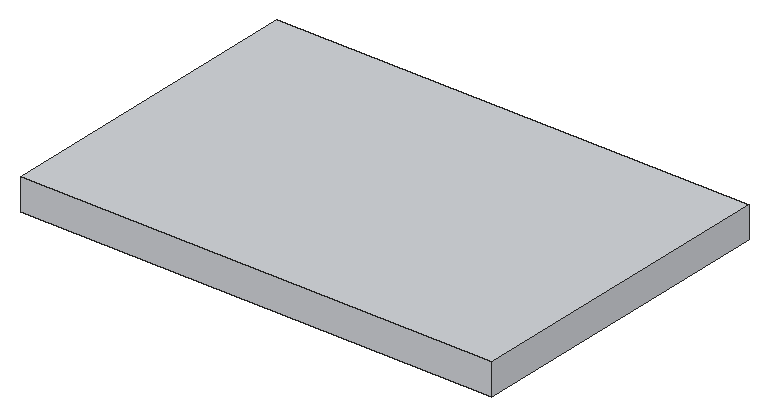
Revit family "G805-002 CAB78B", category Mechanical Equipment, Revit 2012
Parameters (values of type "20 TON")
  URL = "http://desert-aire.com/"
  Type Comments = "NON PACKAGED"
  RC Return Radius = 0' - 0 3/8"
  RC Discharge Radius = 0' - 0 9/16"
  Outdoor Unit = yes
  Model = "G805-002"
  Manufacturer = "DESERT AIRE"
  Description = "TOP/END FLOW UNIT"
  Curb Height = 0' - 8"
  Cost = 0
Types (4): name | RC Return Radius | RC Discharge Radius | Description
  (no name) | 0' - 0 3/8" | 0' - 0 9/16" | "TOP/END FLOW UNIT"
  20 TON | 0' - 0 3/8" | 0' - 0 9/16" | "TOP/END FLOW UNIT"
  25 TON | 0' - 0 7/16" | 0' - 0 9/16" | "DOWN FLOW UNIT"
  30 TON | 0' - 0 7/16" | 0' - 0 11/16" | "DOWN FLOW UNIT"
Reference planes (in)
  plane 1: y = 0
  plane 2: z = 0
  plane 3: x = 0
  plane 4: z = 8
  plane 5: z = 99.425
  plane 6: z = 47.705
Forms (in)
  Extrusion 1, solid
    sketch origin (0, 0, 0) x (1, 0, 0) y (0, 1, 0)
      loop
        line (-63.15208, 41.66885) -> (-63.15208, -40.83115) -> (58.47292, -40.83115) -> (58.47292, 41.66885) -> (-63.15208, 41.66885)
    from 0 to 8
Dimensions and locks (in)
  "Curb Height": plane 4 to plane 2
  locked: plane 5 to plane 4 at 91.425
  locked: plane 5 to plane 6 at 51.72
  aligned and locked: plane 4 to Extrusion 1
  aligned and locked: plane 6 to import instance
  aligned and locked: plane 4 to import instance
  aligned and locked: import instance to import instance
Automatic sketch dimensions
  Extrusion 1 sketch curve to plane 3 = 5' - 3.15208"
  plane 1 to Extrusion 1 sketch curve = 3' - 4.83115"
  Extrusion 1 sketch curve to plane 1 = 3' - 5.66885"
  plane 3 to Extrusion 1 sketch curve = 4' - 10.47292"
Connectors (in)
  piping at (-0.40818, -1.49985, 0)
    settings: on Extrusion 1, index 7, connector radius 1/2", flow factor 0, pipe flow 0 GPM, pressure drop 0.00 psi, fitting loss kfactor 0, connector angle 0.00°, fixture units 0, engagement length 0' - 0", flow configuration 0, flow direction 0, fitting loss method 0, system type 22, joint type 0, gender type 0, connector reference index -1, connector utility 0, adjustable connector no, is connector primary yes, fitting loss table "", connector description "BOTTOM CONDENSATE"
  electrical at (64.81582, -38.36105, 88.17537)
    settings: on import instance, index 98, voltage 0 V, apparent load 0 VA, apparent load phase1 0 VA, apparent load phase2 0 VA, apparent load phase3 0 VA, power factor 1, load classification "Other", number of poles 1, system type 30, power factor state 1, is connector primary yes, connector utility no, sub classification motor no, connector description "OPTIONAL DISCONNECT LOCATION"
  piping at (10.43578, -45.25, 14.63597)
    settings: on import instance, index 99, connector radius 1/2", flow factor 0, pipe flow 0 GPM, pressure drop 0.00 psi, fitting loss kfactor 0, connector angle 0.00°, fixture units 0, engagement length 0' - 0", flow configuration 0, flow direction 0, fitting loss method 0, system type 22, joint type 0, gender type 0, connector reference index -1, connector utility 0, adjustable connector no, is connector primary no, fitting loss table "", connector description "LEFT SIDE CONDENSATE"
  piping at (10.43578, -45.25, 17.13597), driven by "RC Discharge Radius"
    settings: on import instance, index 100, connector radius 9/16", flow factor 0, pipe flow 0 GPM, pressure drop 0.00 psi, fitting loss kfactor 0, connector angle 0.00°, fixture units 0, engagement length 0' - 0", flow configuration 0, flow direction 0, fitting loss method 0, system type 7, joint type 0, gender type 0, connector reference index -1, connector utility 0, adjustable connector no, is connector primary no, fitting loss table "", connector description "LEFT SIDE RC DISCHARGE CONNECTION LOCATION"
  piping at (10.43578, -45.25, 19.38597), driven by "RC Return Radius"
    settings: on import instance, index 101, connector radius 3/8", flow factor 0, pipe flow 0 GPM, pressure drop 0.00 psi, fitting loss kfactor 0, connector angle 0.00°, fixture units 0, engagement length 0' - 0", flow configuration 0, flow direction 0, fitting loss method 0, system type 8, joint type 0, gender type 0, connector reference index -1, connector utility 0, adjustable connector no, is connector primary no, fitting loss table "", connector description "LEFT SIDE RC RETURN CONNECTION LOCATION"
  piping at (10.43578, -45.25, 25.38597)
    settings: on import instance, index 102, connector radius 1 5/16", flow factor 0, pipe flow 0 GPM, pressure drop 0.00 psi, fitting loss kfactor 0, connector angle 0.00°, fixture units 0, engagement length 0' - 0", flow configuration 0, flow direction 0, fitting loss method 0, system type 20, joint type 0, gender type 0, connector reference index -1, connector utility 0, adjustable connector no, is connector primary no, fitting loss table "", connector description "LEFT SIDE WATER INLET CONNECTION LOCATION"
  piping at (10.43578, -45.25, 28.38597)
    settings: on import instance, index 103, connector radius 1 5/16", flow factor 0, pipe flow 0 GPM, pressure drop 0.00 psi, fitting loss kfactor 0, connector angle 0.00°, fixture units 0, engagement length 0' - 0", flow configuration 0, flow direction 0, fitting loss method 0, system type 20, joint type 0, gender type 0, connector reference index -1, connector utility 0, adjustable connector no, is connector primary no, fitting loss table "", connector description "LEFT SIDE WATER OUTLET CONNECTION LOCATION"
  piping at (10.42936, 45.25, 14.62731)
    settings: on import instance, index 104, connector radius 1/2", flow factor 0, pipe flow 0 GPM, pressure drop 0.00 psi, fitting loss kfactor 0, connector angle 0.00°, fixture units 0, engagement length 0' - 0", flow configuration 0, flow direction 0, fitting loss method 0, system type 22, joint type 0, gender type 0, connector reference index -1, connector utility 0, adjustable connector no, is connector primary no, fitting loss table "", connector description "RIGHT SIDE CONDENSATE"
  piping at (10.42936, 45.25, 17.12978), driven by "RC Discharge Radius"
    settings: on import instance, index 105, connector radius 9/16", flow factor 0, pipe flow 0 GPM, pressure drop 0.00 psi, fitting loss kfactor 0, connector angle 0.00°, fixture units 0, engagement length 0' - 0", flow configuration 0, flow direction 0, fitting loss method 0, system type 7, joint type 0, gender type 0, connector reference index -1, connector utility 0, adjustable connector no, is connector primary no, fitting loss table "", connector description "RIGHT SIDE RC DISCHARGE CONNECTION LOCATION"
  piping at (10.42936, 45.25, 19.37052), driven by "RC Return Radius"
    settings: on import instance, index 106, connector radius 3/8", flow factor 0, pipe flow 0 GPM, pressure drop 0.00 psi, fitting loss kfactor 0, connector angle 0.00°, fixture units 0, engagement length 0' - 0", flow configuration 0, flow direction 0, fitting loss method 0, system type 8, joint type 0, gender type 0, connector reference index -1, connector utility 0, adjustable connector no, is connector primary no, fitting loss table "", connector description "RIGHT SIDE RC RETURN CONNECTION LOCATION"
  piping at (10.42936, 45.25, 25.37052)
    settings: on import instance, index 107, connector radius 1 5/16", flow factor 0, pipe flow 0 GPM, pressure drop 0.00 psi, fitting loss kfactor 0, connector angle 0.00°, fixture units 0, engagement length 0' - 0", flow configuration 0, flow direction 0, fitting loss method 0, system type 20, joint type 0, gender type 0, connector reference index -1, connector utility 0, adjustable connector no, is connector primary no, fitting loss table "", connector description "RIGHT SIDE WATER INLET CONNECTION LOCATION"
  piping at (10.42936, 45.25, 28.37052)
    settings: on import instance, index 108, connector radius 1 5/16", flow factor 0, pipe flow 0 GPM, pressure drop 0.00 psi, fitting loss kfactor 0, connector angle 0.00°, fixture units 0, engagement length 0' - 0", flow configuration 0, flow direction 0, fitting loss method 0, system type 20, joint type 0, gender type 0, connector reference index -1, connector utility 0, adjustable connector no, is connector primary no, fitting loss table "", connector description "RIGHT SIDE WATER OUTLET CONNECTION LOCATION"
  hvac at (64.81582, 0, 65.69895)
    settings: on import instance, index 109, duct flow 0 CFM, flow factor 0, pres drop 0.00 in-wg, loss coef 0, conn angle 0.00°, conn width 28 3/8", conn height 28 3/8", conn radius 12", duct sys type 1, conn prof type 1, flow config 0, flow direction 0, loss method 0, conn ref index -1, conn util no, is conn primary yes, conn desc "SUPPLY DISCHARGE"
  hvac at (64.81582, -0.17138, 31.56455)
    settings: on import instance, index 110, duct flow 0 CFM, flow factor 0, pres drop 0.00 in-wg, loss coef 0, conn angle 0.00°, conn width 71 7/8", conn height 32", conn radius 12", duct sys type 3, conn prof type 1, flow config 0, flow direction 0, loss method 0, conn ref index -1, conn util no, is conn primary no, conn desc "O/A INTAKE"
  hvac at (49.55718, -0.04057, 99.32)
    settings: on import instance, index 111, duct flow 0 CFM, flow factor 0, pres drop 0.00 in-wg, loss coef 0, conn angle 0.00°, conn width 28 3/8", conn height 28 3/8", conn radius 12", duct sys type 1, conn prof type 1, flow config 0, flow direction 0, loss method 0, conn ref index -1, conn util no, is conn primary no, conn desc "SUPPLY DISCHARGE"
  hvac at (-70.44818, -0.08483, 29.72184)
    settings: on import instance, index 112, duct flow 0 CFM, flow factor 0, pres drop 0.00 in-wg, loss coef 0, conn angle 0.00°, conn width 28 3/8", conn height 28 3/8", conn radius 12", duct sys type 3, conn prof type 1, flow config 0, flow direction 0, loss method 0, conn ref index -1, conn util no, is conn primary no, conn desc "EXHAUST DISCHARGE"
  hvac at (-70.44818, 0.10274, 77.18657)
    settings: on import instance, index 113, duct flow 0 CFM, flow factor 0, pres drop 0.00 in-wg, loss coef 0, conn angle 0.00°, conn width 77 7/8", conn height 41 7/8", conn radius 12", duct sys type 3, conn prof type 1, flow config 0, flow direction 0, loss method 0, conn ref index -1, conn util no, is conn primary no, conn desc "O/A INTAKE"
